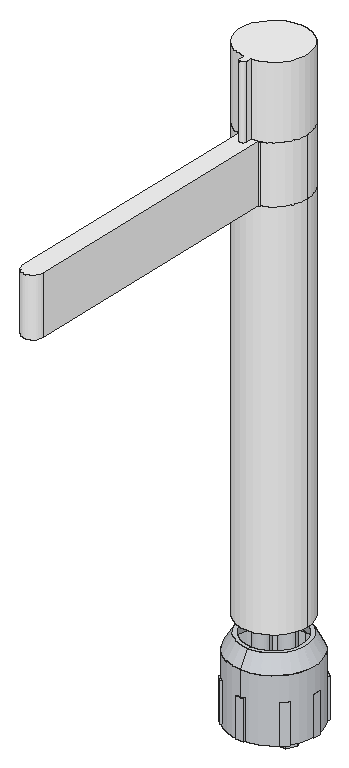
Revit family "Reece_Tap_Milli_Axon_Basin Mixer_Extended", category Plumbing Fixtures, host Face, Revit 2018
Family settings
  Host = Face
  Round Connector Dimension = Use Diameter
  Part Type = Normal
  Cut with Voids When Loaded = No
  Shared = Yes
  Room Calculation Point = Yes
Parameters
  WFU = 0  # constant formula
  URL = "https://www.reece.com.au/product/-2252063"
  Type Comments = "Tap"
  Reece_Tap_Reach = 180 mm  # constant formula
  Reece_Tap_Inlet = 12 mm  # constant formula
  Reece_Tap_Clearance = 240 mm  # constant formula
  Reece_Product_Web Page = "https://www.reece.com.au/product/-2252063"
  Reece_Product_Type = "Tap"  # constant formula
  Reece_Product_Sub Brand = "Axon"  # constant formula
  Reece_Product_Number = "2252063"
  Reece_Product_Mount = "Hob Mounted"
  Reece_Product_Description = "Milli Axon Extended Basin Mixer Tap Chrome (6 Star)"
  Reece_Product_Brand = "Milli"  # constant formula
  Reece_Overall_Length = 215.7 mm  # constant formula
  Reece_Overall_Height = 321 mm  # constant formula
  Reece_Material_Secondary = Reece_Brass_Chrome
  Reece_Material-Main = Reece_Brass_Chrome
  Reece_Detail_Installation = ""
  Reece_Detail_Disclaimer = "THIS FILE IS THE PROPERTY OF THE REECE GROUP. IT MAY NOT BE REPRODUCED, REVERSE-ENGINEERED OR MODIFIED. ANY REPUBLICATION, TRANSMISSION OR DISTRIBUTION FOR THE PURPOSE OF COMMERCIALLY EXPLOITING THE FILES IS PROHIBITED."  # constant formula
  Reece_Detail_Connector = ""
  Reece_Detail_Additional = "Extended"
  Model = "Axon"
  Matte Black_Chrome = not(Chrome)  # no
  Manufacturer = "Milli"
  Keynote = "Product #2252063, Reece_Tap_Milli_Axon_Basin Mixer_Extended -  "
  HWFU = 0  # constant formula
  Disclaimer = "THIS FILE IS THE PROPERTY OF THE REECE GROUP. IT MAY NOT BE REPRODUCED, REVERSE-ENGINEERED OR MODIFIED. ANY REPUBLICATION, TRANSMISSION OR DISTRIBUTION FOR THE PURPOSE OF COMMERCIALLY EXPLOITING THE FILES IS PROHIBITED."  # constant formula
  Description = "Milli Axon Extended Basin Mixer Tap Chrome (6 Star)"
  Default Elevation = 1000 mm
  Chrome = yes
  CWFU = 0  # constant formula
Types (3, lengths in mm): name | URL | Reece_Product_Web Page | Reece_Product_Number | Reece_Product_Description | Reece_Material_Secondary | Reece_Detail_Additional | Matte Black_Chrome | Keynote | Description | Chrome
  (no name) | "https://www.reece.com.au/product/-2252063" | "https://www.reece.com.au/product/-2252063" | "2252063" | "Milli Axon Extended Basin Mixer Tap Chrome (6 Star)" | Reece_Brass_Chrome | "Extended" | no | "Product #2252063, Reece_Tap_Milli_Axon_Basin Mixer_Extended -  " | "Milli Axon Extended Basin Mixer Tap Chrome (6 Star)" | yes
  Chrome | "https://www.reece.com.au/product/-2252063" | "https://www.reece.com.au/product/-2252063" | "2252063" | "Milli Axon Extended Basin Mixer Tap Chrome (6 Star)" | Reece_Brass_Chrome | "Extended" | no | "Product #2252063, Reece_Tap_Milli_Axon_Basin Mixer_Extended - Chrome" | "Milli Axon Extended Basin Mixer Tap Chrome (6 Star)" | yes
  Matte Black_Chrome | "https://www.reece.com.au/product/-2252064" | "https://www.reece.com.au/product/-2252064" | "2252064" | "Milli Axon Extended Basin Mixer Tap with Black Outlet Chrome/Matte Black (6 Star)" | Reece_Brass_Matte Black | "Black Outlet with Extended" | yes | "Product #2252064, Reece_Tap_Milli_Axon_Basin Mixer_Extended - Matte Black_Chrome" | "Milli Axon Extended Basin Mixer Tap with Black Outlet Chrome/Matte Black (6 Star)" | no
Reference planes
  plane 1 "Center (Front/Back)": y = 0
  plane 2 "Bottom": z = 0
  plane 3 "Center (Left/Right)": x = 0
  plane 4 "Top": z = 240
  plane 5: z = 321
  plane 6: z = 276
  plane 7: y = -180
  plane 8: y = -195
  plane 9: y = 20.672
  plane 10: y = -21.445
Forms (mm)
  Extrusion 1, solid, material "Reece_Brass_Chrome" <- "Reece_Material-Main"
    sketch origin (0.177, -0.328, 0) x (1, 0, 0) y (0, 1, 0)
      loop
        circle (0, 0) r 21
    from 0 to 240
  Extrusion 2, solid, material "Reece_Brass_Chrome" <- "Reece_Material_Secondary"
    sketch origin (0.177, -0.328, 0) x (1, 0, 0) y (0, 1, 0)
      loop
        circle (0, 0) r 21
    from 276 to 240
  Extrusion 3, solid, material "Reece_Brass_Chrome" <- "Reece_Material_Secondary"
    sketch origin (0.177, -0.328, 0) x (1, 0, 0) y (0, 1, 0)
      loop
        arc (-6.311, -188.363) -> (0.023, -194.697) -> (6.357, -188.363) r 6.334
        line (6.357, -188.363) -> (6.357, -20.734)
        arc (6.357, -20.734) -> (6.54, -20.157) -> (7.022, -19.791) r 1
        arc (7.022, -19.791) -> (0.023, -21) -> (-6.979, -19.806) r 21
        arc (-6.979, -19.806) -> (-6.495, -20.172) -> (-6.311, -20.75) r 1
        line (-6.311, -20.75) -> (-6.311, -188.363)
    from 240 to 276
  Sweep 4, solid, material "Reece_Brass_Chrome" <- "Reece_Material_Secondary"
    path origin (0.177, -57.902, 242.472) x (1, 0, 0) y (0, 1, 0)
      loop
        arc (-4, -126.492) -> (0, -130.492) -> (4, -126.492) r 4
        line (4, -126.492) -> (4, -107.249)
        arc (4, -107.249) -> (0, -103.249) -> (-4, -107.249) r 4
        line (-4, -107.249) -> (-4, -126.492)
    profile origin (0.177, -188.395, 242.472) x (0, 1, 0) y (0, 0, 1)
      loop
        line (0, 0) -> (0, -2.628) -> (1.162, -2.628) -> (1.162, 0) -> (0, 0)
  Extrusion 5, solid, material "Reece_Brass_Chrome" <- "Reece_Material_Secondary"
    sketch origin (0.177, -59.435, 0.107) x (1, 0, 0) y (0, 1, 0)
      loop
        arc (-2, -125.271) -> (0, -127.271) -> (2, -125.271) r 2
        line (2, -125.271) -> (2, -113.387)
        arc (2, -113.387) -> (0, -111.387) -> (-2, -113.387) r 2
        line (-2, -113.387) -> (-2, -125.271)
      loop
        circle (0, -107.49) r 1.8
    from 239.737 to 241.537
  Extrusion 6, solid
    sketch origin (0.177, -0.328, 0) x (1, 0, 0) y (0, 1, 0)
      loop
        circle (-7.802, 0.037) r 5
      loop
        circle (8.558, 0.037) r 5
    from -64.353 to 0
  Extrusion 7, solid
    sketch origin (0.177, -0.328, 0) x (1, 0, 0) y (0, 1, 0)
      loop
        line (-1.615, 0.044) -> (-4.783, 5.532) -> (-11.12, 5.532) -> (-14.288, 0.044) -> (-11.12, -5.443) -> (-4.783, -5.443) -> (-1.615, 0.044)
      loop
        line (14.759, 0.044) -> (11.591, 5.532) -> (5.255, 5.532) -> (2.087, 0.044) -> (5.255, -5.443) -> (11.591, -5.443) -> (14.759, 0.044)
    from -68.948 to -61.449
  Revolve 8, solid
    sketch origin (0.177, -0.328, 0) x (0, 1, 0) y (0, 0, 1)
      loop
        line (-24, -59.419) -> (-24, -20.536) -> (-18.18, -10.455) -> (-20.489, -10.455) -> (-26, -20) -> (-26, -59.419) -> (-24, -59.419)
      axis (0, -10.455) -> (0, -59.419)
    angle from 0 to 360
  Extrusion 9, solid
    sketch origin (2.576, -30.333, 0) x (-0.00336, -0.999994, 0) y (0.999994, -0.00336, 0)
      loop
        line (-5.24, 0.071) -> (-5.24, -4.929) -> (-3.422, -4.929) -> (-3.422, 0.071) -> (-5.24, 0.071)
      loop
        line (-15.067, 19.652) -> (-16.348, 18.363) -> (-12.801, 14.839) -> (-11.52, 16.129) -> (-15.067, 19.652)
      loop
        line (-32.906, 24.224) -> (-32.899, 22.406) -> (-27.899, 22.423) -> (-27.906, 24.241) -> (-32.906, 24.224)
      loop
        line (-50.166, 15.331) -> (-48.876, 14.05) -> (-45.352, 17.598) -> (-46.642, 18.879) -> (-50.166, 15.331)
      loop
        line (-57.216, -5.091) -> (-55.398, -5.085) -> (-55.415, -0.085) -> (-57.233, -0.091) -> (-57.216, -5.091)
      loop
        line (-47.648, -22.847) -> (-46.367, -21.557) -> (-49.914, -18.033) -> (-51.195, -19.323) -> (-47.648, -22.847)
      loop
        line (-27.725, -29.402) -> (-27.731, -27.584) -> (-32.731, -27.601) -> (-32.725, -29.419) -> (-27.725, -29.402)
      loop
        line (-10.279, -20.477) -> (-11.568, -19.196) -> (-15.092, -22.743) -> (-13.802, -24.024) -> (-10.279, -20.477)
    from -59.419 to -35
  Extrusion 10, solid, material "Reece_Brass_Chrome" <- "Reece_Material_Secondary", visible <- "Matte Black_Chrome"
    sketch origin (0.177, -0.328, 321) x (-1, 0, 0) y (0, -1, 0)
      loop
        arc (2, 24) -> (0, 26) -> (-2, 24) r 2
        line (-2, 24) -> (-2, 17.809)
        arc (-2, 17.809) -> (0, 15.809) -> (2, 17.809) r 2
        line (2, 17.809) -> (2, 24)
    from 0 to -45
  Extrusion 11, solid, material "Reece_Brass_Chrome" <- "Reece_Material-Main", visible <- "Matte Black_Chrome"
    sketch origin (0.177, -0.328, 131.965) x (-1, 0, 0) y (0, -1, 0)
      loop
        arc (-2, 20.905) -> (0, -21) -> (2, 20.905) r 21
        line (2, 20.905) -> (2, 17.809)
        arc (2, 17.809) -> (0, 15.809) -> (-2, 17.809) r 2
        line (-2, 17.809) -> (-2, 20.905)
    from 144.035 to 189.035
  Extrusion 12, solid, material "Reece_Brass_Chrome" <- "Reece_Material-Main", visible <- "Chrome"
    sketch origin (0.177, -0.328, 131.965) x (-1, 0, 0) y (0, -1, 0)
      loop
        arc (-2, 20.905) -> (0, -21) -> (2, 20.905) r 21
        line (2, 20.905) -> (2, 24)
        arc (2, 24) -> (0, 26) -> (-2, 24) r 2
        line (-2, 24) -> (-2, 20.905)
    from 144.035 to 189.035
  Revolve 13, void
    sketch origin (0, 0, 0) x (1, 0, 0) y (0, 0, 1)
      loop
        line (0, 0) -> (0, -10.455) -> (17.5, -10.455) -> (17.5, 0) -> (0, 0)
      axis (0, -10.455) -> (0, 0)
    angle from 0 to 360
  Extrusion 14, void
    sketch origin (0.177, -0.328, 0) x (0, -1, 0) y (1, 0, 0)
      loop
        circle (-0.037, -7.802) r 5
      loop
        circle (-0.037, 8.558) r 5
    from 5 to 0
Cuts and joins
  joined: Extrusion 2, Extrusion 3
  Extrusion 14 cuts Extrusion 1
Text (mm)
  text "Reece Copyright © 2018, Reece Ltd." at (-300.253, -197.401, 0), in view "Ref. Level"
  text "Reece ©" at (44.384, 258.95, 192.345), in view "Reece Preview"
Dimensions and locks
  "Reece_Overall_Height": plane 5 to plane 2 "Bottom"  (x2)
  "Reece_Tap_Reach": plane 7 to plane 1 "Center (Front/Back)"
  "Reece_Tap_Clearance": plane 4 "Top" to plane 2 "Bottom"
  plane 10 to plane 9 = 42.118 mm
  aligned and locked: plane 2 "Bottom" to host face
  aligned and locked: level to host face
Automatic sketch dimensions
  host sketch curve to host sketch curve = 380.785 mm
  host sketch curve to host sketch curve = 317.421 mm
  plane 3 "Center (Left/Right)" to Extrusion 1 sketch curve = 0.177 mm
  plane 1 "Center (Front/Back)" to Extrusion 1 sketch curve = 0.328 mm
  plane 3 "Center (Left/Right)" to Extrusion 2 sketch curve = 0.177 mm
  plane 1 "Center (Front/Back)" to Extrusion 2 sketch curve = 0.328 mm
  plane 10 to Extrusion 3 sketch curve = 0.368 mm
  Extrusion 3 sketch curve to plane 3 "Center (Left/Right)" = 7.134 mm
  Extrusion 3 sketch curve to Extrusion 3 sketch curve = 1 mm  (x2)
  plane 3 "Center (Left/Right)" to Extrusion 3 sketch curve = 0.177 mm
  plane 3 "Center (Left/Right)" to Extrusion 3 sketch curve = 0.2 mm
  plane 10 to Extrusion 3 sketch curve = 0.384 mm
  Extrusion 3 sketch curve to plane 8 = 6.309 mm
  plane 1 "Center (Front/Back)" to Extrusion 3 sketch curve = 0.328 mm
  Extrusion 3 sketch curve to Extrusion 3 sketch curve = 0.332 mm
  Extrusion 3 sketch curve to Extrusion 3 sketch curve = 0 mm  (x3)
  Extrusion 3 sketch curve to Extrusion 3 sketch curve = 0.334 mm
  Sweep 4 sketch curve to plane 3 "Center (Left/Right)" = 3.823 mm
  plane 3 "Center (Left/Right)" to Sweep 4 sketch curve = 0.177 mm
  Sweep 4 sketch curve to plane 7 = 4.395 mm
  plane 7 to Sweep 4 sketch curve = 14.848 mm
  Sweep 4 sketch curve to profile plane = 0 mm  (x2)
  Sweep 4 sketch curve to profile plane = 1.162 mm
  Sweep 4 sketch curve to Sweep 4 sketch curve = 2.628 mm
  Extrusion 5 sketch curve to plane 3 "Center (Left/Right)" = 1.823 mm
  plane 3 "Center (Left/Right)" to Extrusion 5 sketch curve = 0.177 mm  (x2)
  Extrusion 5 sketch curve to plane 7 = 4.705 mm
  plane 7 to Extrusion 5 sketch curve = 7.178 mm
  Extrusion 5 sketch curve to Extrusion 5 sketch curve = 5.897 mm
  plane 1 "Center (Front/Back)" to Extrusion 6 sketch curve = 0.29 mm  (x2)
  Extrusion 6 sketch curve to plane 3 "Center (Left/Right)" = 7.625 mm
  plane 3 "Center (Left/Right)" to Extrusion 6 sketch curve = 8.735 mm
  plane 1 "Center (Front/Back)" to Extrusion 7 sketch curve = 0.283 mm  (x4)
  Extrusion 7 sketch curve to plane 3 "Center (Left/Right)" = 14.111 mm
  Extrusion 7 sketch curve to Extrusion 7 sketch curve = 3.168 mm  (x3)
  Extrusion 7 sketch curve to plane 3 "Center (Left/Right)" = 4.606 mm  (x2)
  Extrusion 7 sketch curve to plane 3 "Center (Left/Right)" = 1.438 mm
  plane 3 "Center (Left/Right)" to Extrusion 7 sketch curve = 2.264 mm
  plane 3 "Center (Left/Right)" to Extrusion 7 sketch curve = 5.432 mm  (x2)
  Extrusion 7 sketch curve to plane 1 "Center (Front/Back)" = 5.204 mm  (x2)
  Extrusion 7 sketch curve to Extrusion 7 sketch curve = 6.336 mm  (x2)
  plane 1 "Center (Front/Back)" to Extrusion 7 sketch curve = 5.771 mm  (x2)
  Revolve 8 sketch curve to plane 10 = 4.882 mm
  Revolve 8 sketch curve to Revolve 8 sketch curve = 2 mm
  plane 10 to Revolve 8 sketch curve = 0.628 mm
  Revolve 8 sketch curve to Revolve 8 sketch curve = 2.309 mm
  Revolve 8 sketch curve to level = 59.419 mm
  Revolve 8 sketch curve to level = 20.536 mm
  Revolve 8 sketch curve to Revolve 8 sketch curve = 0.536 mm
  Revolve 8 sketch curve to level = 10.455 mm
  plane 1 "Center (Front/Back)" to Revolve 8 sketch curve = 0.328 mm
  Revolve 8 sketch curve to Revolve 8 sketch curve = 9.419 mm
  Revolve 8 sketch curve to level = 10 mm
  plane 9 to Extrusion 9 sketch curve = 6.228 mm
  plane 3 "Center (Left/Right)" to Extrusion 9 sketch curve = 2.677 mm
  Extrusion 9 sketch curve to Extrusion 9 sketch curve = 0.017 mm  (x3)
  Extrusion 9 sketch curve to Extrusion 9 sketch curve = 1.818 mm  (x2)
  Extrusion 9 sketch curve to Extrusion 9 sketch curve = 4.203 mm
  Extrusion 9 sketch curve to Extrusion 9 sketch curve = 5.25 mm
  Extrusion 9 sketch curve to Extrusion 9 sketch curve = 1.281 mm  (x4)
  Extrusion 9 sketch curve to Extrusion 9 sketch curve = 1.29 mm  (x4)
  Extrusion 9 sketch curve to Extrusion 9 sketch curve = 3.547 mm  (x2)
  Extrusion 9 sketch curve to Extrusion 9 sketch curve = 3.524 mm  (x2)
  Extrusion 9 sketch curve to Extrusion 9 sketch curve = 12.447 mm
  Extrusion 9 sketch curve to Extrusion 9 sketch curve = 0.006 mm  (x2)
  Extrusion 9 sketch curve to Extrusion 9 sketch curve = 13.635 mm
  Extrusion 9 sketch curve to Extrusion 9 sketch curve = 5 mm  (x3)
  Extrusion 9 sketch curve to Extrusion 9 sketch curve = 11.552 mm
  Extrusion 9 sketch curve to Extrusion 9 sketch curve = 12.639 mm
  Extrusion 9 sketch curve to Extrusion 9 sketch curve = 6.328 mm
  Extrusion 9 sketch curve to Extrusion 9 sketch curve = 4.839 mm
  Extrusion 9 sketch curve to Extrusion 9 sketch curve = 4.994 mm
  Extrusion 9 sketch curve to Extrusion 9 sketch curve = 12.949 mm
  Extrusion 9 sketch curve to Extrusion 9 sketch curve = 14.266 mm
  Extrusion 9 sketch curve to Extrusion 9 sketch curve = 4.841 mm
  Extrusion 9 sketch curve to Extrusion 9 sketch curve = 14.135 mm
  Extrusion 9 sketch curve to Extrusion 9 sketch curve = 14.769 mm
  Extrusion 9 sketch curve to Extrusion 9 sketch curve = 4.809 mm
  plane 3 "Center (Left/Right)" to Extrusion 10 sketch curve = 2.177 mm
  plane 3 "Center (Left/Right)" to Extrusion 10 sketch curve = 0.177 mm
  plane 10 to Extrusion 10 sketch curve = 3.308 mm
  Extrusion 10 sketch curve to plane 10 = 2.882 mm
  plane 3 "Center (Left/Right)" to Extrusion 11 sketch curve = 2.177 mm
  plane 3 "Center (Left/Right)" to Extrusion 11 sketch curve = 0.177 mm  (x2)
  plane 1 "Center (Front/Back)" to Extrusion 11 sketch curve = 0.328 mm
  plane 10 to Extrusion 11 sketch curve = 3.308 mm
  plane 10 to Extrusion 11 sketch curve = 0.213 mm
  plane 3 "Center (Left/Right)" to Extrusion 12 sketch curve = 2.177 mm
  plane 3 "Center (Left/Right)" to Extrusion 12 sketch curve = 0.177 mm  (x2)
  plane 1 "Center (Front/Back)" to Extrusion 12 sketch curve = 0.328 mm
  plane 10 to Extrusion 12 sketch curve = 0.213 mm
  Extrusion 12 sketch curve to plane 10 = 2.882 mm
  Revolve 13 sketch curve to plane 3 "Center (Left/Right)" = 0 mm  (x2)
  Revolve 13 sketch curve to level = 0 mm
  plane 3 "Center (Left/Right)" to Revolve 13 sketch curve = 17.5 mm
  Revolve 13 sketch curve to level = 10.455 mm
  Revolve 13 sketch curve to Revolve 13 sketch curve = 73.493 mm
  Revolve 13 sketch curve to Revolve 13 sketch curve = 16.052 mm
  plane 1 "Center (Front/Back)" to Extrusion 14 sketch curve = 0.29 mm  (x2)
  Extrusion 14 sketch curve to plane 3 "Center (Left/Right)" = 7.625 mm
  plane 3 "Center (Left/Right)" to Extrusion 14 sketch curve = 8.735 mm
  radius of Extrusion 1 sketch curve = 21 mm
  radius of Extrusion 2 sketch curve = 21 mm
  radius of Extrusion 5 sketch curve = 1.8 mm
  radius of Extrusion 6 sketch curve = 5 mm  (x2)
  radius of Extrusion 14 sketch curve = 5 mm  (x2)
Connectors
  piping at (-7.625, -0.29, 5), diameter 12, driven by "Reece_Tap_Inlet"
    settings: on cut or joined group of Extrusion 1, Extrusion 14, index 1, connector inside diameter 609.6 mm, connector length 0 mm, flow factor 0, pipe flow 0.0 L/s, pressure drop 0.0 Pa, fitting loss kfactor 0, connector angle 0.00°, fixture units 0, engagement length 0 mm, angle of deflection 0.00°, flow configuration 0, flow direction 1, fitting loss method 0, system type 29, joint type 0, gender type 0, connector reference index -1, connector utility 0, adjustable connector no, is connector primary yes, connector description ""
  piping at (8.735, -0.29, 5), diameter 12, driven by "Reece_Tap_Inlet"
    settings: on cut or joined group of Extrusion 1, Extrusion 14, index 2, connector inside diameter 609.6 mm, connector length 0 mm, flow factor 0, pipe flow 0.0 L/s, pressure drop 0.0 Pa, fitting loss kfactor 0, connector angle 0.00°, fixture units 0, engagement length 0 mm, angle of deflection 0.00°, flow configuration 0, flow direction 1, fitting loss method 0, system type 29, joint type 0, gender type 0, connector reference index -1, connector utility 0, adjustable connector no, is connector primary no, connector description ""
